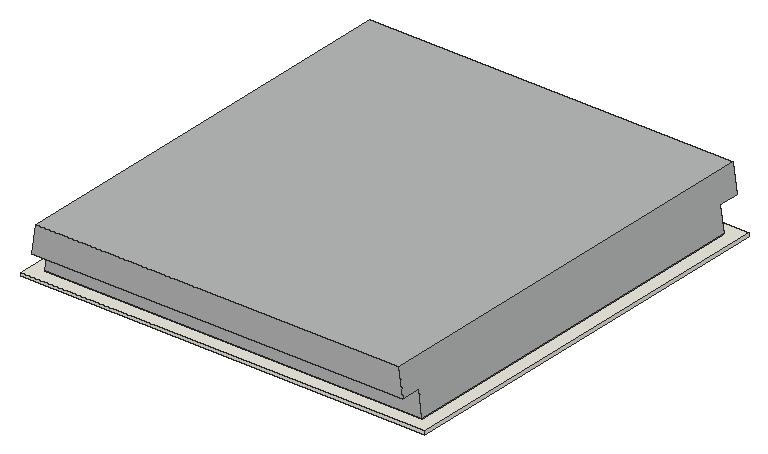
Revit family "OPERLUX", category Осветительные приборы, Revit 2019 (continued)
Types (8, lengths in mm): name | Файл фотометрической сетки | built-in parameter 1150105 | Lumens | built-in parameter 1150106 | built-in parameter 1150142 | Wattage | ADSK_Ток | ADSK_Полная мощность | ADSK_Обозначение | ADSK_Номинальная мощность | ADSK_Наименование | ADSK_Код изделия
  CSVT Operlux - 34/opal-sand (IP20, 4000К, грильято) с БАП на 1 час | "Светильник OPERLUX-34 PRISMA-(588x588).IES" | 246.69 (stored number, unit not read) | 3100 lm | 2.4669 (stored number, unit not read) | "IESNA:LM-63-95\r\n[TEST] Протокол № 50\r\n[DATA] 17.06.2016\r\n[MORE] \r\n[MANUFAC] ЗАО \"Центрстройсвет\"\r\n[LUMCAT]  Светильник OPERLUX-34/PRISMA-(588x588) \r\n[LUMINAIRE]\r\n[LAMPCAT] Светодиоды\r\n[LAMP] Поток источника света (светодиодов) не известен\r\n[MORE] КСС приведена в абсолютных величинах кд\r\n[MORE] Вместо потока лампы, указан поток светильника.\r\nTILT=NONE\r\n1    3050 1.0 37 73 1 2 0.588 0.588 0.08\r\n1.0 1.0 34\r\n0.0 5.0 10.0 15.0 20.0 25.0 30.0 35.0 40.0 45.0 50.0 55.0 60.0 65.0 70.0 75.0 80.0 85.0 90.0 95.0 100.0 105.0 110.0 115.0 120.0 125.0 130.0 135.0 140.0 145.0 150.0 155.0 160.0 165.0 170.0 175.0 180.0\r\n0.0 5.0 10.0 15.0 20.0 25.0 30.0 35.0 40.0 45.0 50.0 55.0 60.0 65.0 70.0 75.0 80.0 85.0 90.0 95.0 100.0 105.0 110.0 115.0 120.0 125.0 130.0 135.0 140.0 145.0 150.0 155.0 160.0 165.0 170.0 175.0 180.0 185.0 190.0 195.0 200.0 205.0 210.0 215.0 220.0 225.0 230.0 235.0 240.0 245.0 250.0 255.0 260.0 265.0 270.0 275.0 280.0 285.0 290.0 295.0 300.0 305.0 310.0 315.0 320.0 325.0 330.0 335.0 340.0 345.0 350.0 355.0 360.0\r\n1367.8 1364.1 1339.9 1310.7 1251.0 1171.4 1077.9 956.5 826.9 709.2 591.4 468.7 352.2 267.2 190.7 130.0 88.6 43.5 5.5 0.0 0.0 0.0 0.0 0.0 0.0 0.0 0.0 0.0 0.0 0.0 0.0 0.0 0.0 0.0 0.0 0.0 0.0\r\n1367.8 1365.7 1344.6 1309.2 1251.5 1175.2 1073.4 954.2 830.4 711.2 594.6 469.5 356.0 268.7 191.9 132.6 89.9 43.9 6.3 0.0 0.0 0.0 0.0 0.0 0.0 0.0 0.0 0.0 0.0 0.0 0.0 0.0 0.0 0.0 0.0 0.0 0.0\r\n1367.8 1367.4 1347.2 1302.8 1251.5 1178.6 1078.4 958.6 835.1 714.0 597.2 474.3 359.6 268.7 192.7 135.6 92.1 44.3 6.9 0.0 0.0 0.0 0.0 0.0 0.0 0.0 0.0 0.0 0.0 0.0 0.0 0.0 0.0 0.0 0.0 0.0 0.0\r\n1367.8 1368.2 1346.2 1303.1 1250.1 1177.1 1081.4 960.9 838.1 716.2 597.6 475.0 358.6 266.4 190.9 134.8 91.7 44.9 7.0 0.0 0.0 0.0 0.0 0.0 0.0 0.0 0.0 0.0 0.0 0.0 0.0 0.0 0.0 0.0 0.0 0.0 0.0\r\n1367.8 1367.7 1343.5 1306.2 1256.1 1180.0 1081.0 961.6 838.1 714.0 595.7 473.1 356.8 262.2 188.3 132.8 89.3 43.7 6.6 0.0 0.0 0.0 0.0 0.0 0.0 0.0 0.0 0.0 0.0 0.0 0.0 0.0 0.0 0.0 0.0 0.0 0.0\r\n1367.8 1366.2 1344.8 1309.0 1256.2 1184.6 1080.4 962.6 836.8 714.8 593.8 469.6 354.4 260.1 184.9 130.4 88.4 44.2 6.5 0.0 0.0 0.0 0.0 0.0 0.0 0.0 0.0 0.0 0.0 0.0 0.0 0.0 0.0 0.0 0.0 0.0 0.0\r\n1367.8 1364.3 1347.6 1312.1 1259.9 1177.4 1078.5 968.2 849.1 721.6 596.0 467.2 355.0 257.4 183.3 127.1 87.5 45.4 6.5 0.0 0.0 0.0 0.0 0.0 0.0 0.0 0.0 0.0 0.0 0.0 0.0 0.0 0.0 0.0 0.0 0.0 0.0\r\n1367.8 1363.3 1348.8 1312.0 1262.8 1181.2 1077.4 968.8 853.2 730.0 597.2 466.8 353.5 256.9 181.1 124.8 87.2 45.9 6.9 0.0 0.0 0.0 0.0 0.0 0.0 0.0 0.0 0.0 0.0 0.0 0.0 0.0 0.0 0.0 0.0 0.0 0.0\r\n1367.8 1364.0 1350.3 1308.2 1255.9 1182.2 1079.9 969.0 856.0 734.3 601.1 468.4 352.6 254.4 178.0 121.7 85.5 45.0 6.9 0.0 0.0 0.0 0.0 0.0 0.0 0.0 0.0 0.0 0.0 0.0 0.0 0.0 0.0 0.0 0.0 0.0 0.0\r\n1367.8 1364.9 1349.2 1313.0 1259.2 1178.2 1076.4 970.7 860.9 740.8 606.9 469.1 350.2 254.0 175.6 117.8 83.6 43.4 6.7 0.0 0.0 0.0 0.0 0.0 0.0 0.0 0.0 0.0 0.0 0.0 0.0 0.0 0.0 0.0 0.0 0.0 0.0\r\n1367.8 1365.0 1348.6 1315.3 1261.5 1184.1 1082.6 973.9 862.8 745.2 607.9 469.0 350.5 253.1 173.2 116.2 81.4 42.4 6.5 0.0 0.0 0.0 0.0 0.0 0.0 0.0 0.0 0.0 0.0 0.0 0.0 0.0 0.0 0.0 0.0 0.0 0.0\r\n1367.8 1364.4 1347.9 1315.3 1258.7 1186.3 1085.9 970.5 862.2 747.0 613.0 468.8 350.2 252.8 173.4 116.6 79.8 40.9 6.7 0.0 0.0 0.0 0.0 0.0 0.0 0.0 0.0 0.0 0.0 0.0 0.0 0.0 0.0 0.0 0.0 0.0 0.0\r\n1367.8 1363.4 1347.0 1308.3 1258.6 1184.3 1089.8 973.9 867.7 742.3 606.2 467.0 350.0 252.6 175.4 119.1 79.8 42.1 7.1 0.0 0.0 0.0 0.0 0.0 0.0 0.0 0.0 0.0 0.0 0.0 0.0 0.0 0.0 0.0 0.0 0.0 0.0\r\n1367.8 1362.6 1348.4 1308.2 1261.4 1190.2 1088.3 978.6 869.6 744.0 601.1 462.4 350.2 253.6 175.9 123.0 83.5 45.3 7.8 0.0 0.0 0.0 0.0 0.0 0.0 0.0 0.0 0.0 0.0 0.0 0.0 0.0 0.0 0.0 0.0 0.0 0.0\r\n1367.8 1362.3 1347.3 1311.1 1262.3 1191.1 1093.6 982.5 872.1 746.6 597.2 461.1 348.8 251.4 176.3 127.6 89.2 48.5 7.9 0.0 0.0 0.0 0.0 0.0 0.0 0.0 0.0 0.0 0.0 0.0 0.0 0.0 0.0 0.0 0.0 0.0 0.0\r\n1367.8 1362.5 1345.8 1316.1 1260.6 1190.3 1096.8 982.6 873.3 743.8 593.1 456.4 347.2 250.6 175.7 130.9 94.2 51.8 9.3 0.0 0.0 0.0 0.0 0.0 0.0 0.0 0.0 0.0 0.0 0.0 0.0 0.0 0.0 0.0 0.0 0.0 0.0\r\n1367.8 1363.2 1345.2 1315.5 1267.1 1195.5 1096.1 995.9 871.3 740.3 589.0 455.0 342.8 246.9 174.2 131.9 97.1 52.4 10.1 0.0 0.0 0.0 0.0 0.0 0.0 0.0 0.0 0.0 0.0 0.0 0.0 0.0 0.0 0.0 0.0 0.0 0.0\r\n1367.8 1364.5 1346.0 1317.2 1264.0 1194.7 1102.6 991.8 873.9 736.2 584.7 454.3 338.6 243.0 171.3 130.1 99.3 53.7 9.5 0.0 0.0 0.0 0.0 0.0 0.0 0.0 0.0 0.0 0.0 0.0 0.0 0.0 0.0 0.0 0.0 0.0 0.0\r\n1367.8 1365.9 1346.4 1317.1 1264.0 1198.2 1105.3 994.6 872.6 727.7 582.0 451.8 335.8 239.9 168.3 127.6 100.0 55.8 7.5 0.0 0.0 0.0 0.0 0.0 0.0 0.0 0.0 0.0 0.0 0.0 0.0 0.0 0.0 0.0 0.0 0.0 0.0\r\n1367.8 1366.3 1344.9 1317.5 1265.6 1200.4 1108.2 997.2 868.8 722.7 575.8 446.5 333.1 238.4 167.7 126.3 98.1 56.1 8.8 0.0 0.0 0.0 0.0 0.0 0.0 0.0 0.0 0.0 0.0 0.0 0.0 0.0 0.0 0.0 0.0 0.0 0.0\r\n1367.8 1365.9 1344.0 1313.0 1263.2 1200.6 1104.3 997.0 862.7 720.9 568.5 441.0 331.7 237.8 167.7 126.3 96.7 53.7 9.4 0.0 0.0 0.0 0.0 0.0 0.0 0.0 0.0 0.0 0.0 0.0 0.0 0.0 0.0 0.0 0.0 0.0 0.0\r\n1367.8 1365.3 1346.1 1312.6 1263.0 1198.3 1108.1 995.3 861.6 712.7 563.4 437.4 331.4 236.8 165.9 124.7 95.3 55.2 9.1 0.0 0.0 0.0 0.0 0.0 0.0 0.0 0.0 0.0 0.0 0.0 0.0 0.0 0.0 0.0 0.0 0.0 0.0\r\n1367.8 1364.9 1349.2 1313.0 1262.9 1199.0 1108.3 993.8 855.7 710.3 563.1 435.2 329.9 233.9 163.4 121.6 92.0 55.1 8.8 0.0 0.0 0.0 0.0 0.0 0.0 0.0 0.0 0.0 0.0 0.0 0.0 0.0 0.0 0.0 0.0 0.0 0.0\r\n1367.8 1364.1 1352.0 1313.2 1259.2 1197.0 1104.6 988.6 849.9 704.2 562.4 433.5 327.9 230.5 158.4 116.9 87.6 51.4 7.8 0.0 0.0 0.0 0.0 0.0 0.0 0.0 0.0 0.0 0.0 0.0 0.0 0.0 0.0 0.0 0.0 0.0 0.0\r\n1367.8 1363.0 1349.6 1313.3 1257.8 1193.2 1098.7 980.1 848.0 708.1 565.6 433.4 325.1 228.0 154.2 111.3 83.7 49.7 7.5 0.0 0.0 0.0 0.0 0.0 0.0 0.0 0.0 0.0 0.0 0.0 0.0 0.0 0.0 0.0 0.0 0.0 0.0\r\n1367.8 1361.9 1346.7 1314.1 1256.8 1193.2 1093.6 977.6 847.2 708.6 569.1 434.8 324.5 225.9 151.7 107.5 81.6 48.9 7.3 0.0 0.0 0.0 0.0 0.0 0.0 0.0 0.0 0.0 0.0 0.0 0.0 0.0 0.0 0.0 0.0 0.0 0.0\r\n1367.8 1361.2 1345.0 1309.5 1261.1 1193.3 1089.9 973.2 851.1 709.3 572.7 435.0 323.4 225.4 152.1 105.8 80.4 49.9 7.3 0.0 0.0 0.0 0.0 0.0 0.0 0.0 0.0 0.0 0.0 0.0 0.0 0.0 0.0 0.0 0.0 0.0 0.0\r\n1367.8 1360.5 1345.3 1307.2 1258.6 1186.4 1085.9 974.0 847.9 714.1 575.5 436.8 321.2 223.3 152.0 105.2 79.8 49.6 8.0 0.0 0.0 0.0 0.0 0.0 0.0 0.0 0.0 0.0 0.0 0.0 0.0 0.0 0.0 0.0 0.0 0.0 0.0\r\n1367.8 1360.0 1344.3 1308.1 1257.8 1178.2 1085.3 975.1 848.7 715.2 575.4 439.1 318.7 223.0 150.8 104.3 79.3 49.5 8.2 0.0 0.0 0.0 0.0 0.0 0.0 0.0 0.0 0.0 0.0 0.0 0.0 0.0 0.0 0.0 0.0 0.0 0.0\r\n1367.8 1360.5 1346.2 1311.6 1256.3 1174.7 1082.9 978.6 851.4 710.5 574.9 440.6 317.9 221.6 152.3 106.4 79.3 48.7 8.4 0.0 0.0 0.0 0.0 0.0 0.0 0.0 0.0 0.0 0.0 0.0 0.0 0.0 0.0 0.0 0.0 0.0 0.0\r\n1367.8 1361.9 1350.3 1309.3 1252.2 1172.6 1080.3 970.8 851.2 713.3 570.6 439.7 319.0 222.4 154.5 110.7 81.7 47.4 8.1 0.0 0.0 0.0 0.0 0.0 0.0 0.0 0.0 0.0 0.0 0.0 0.0 0.0 0.0 0.0 0.0 0.0 0.0\r\n1367.8 1363.7 1348.0 1307.6 1253.5 1171.4 1087.1 971.6 851.9 710.7 569.9 438.2 323.8 226.5 159.3 115.4 83.3 45.0 7.6 0.0 0.0 0.0 0.0 0.0 0.0 0.0 0.0 0.0 0.0 0.0 0.0 0.0 0.0 0.0 0.0 0.0 0.0\r\n1367.8 1365.3 1346.4 1312.3 1251.8 1172.7 1086.5 974.6 847.7 705.0 567.7 442.4 326.6 234.0 164.3 120.1 85.8 43.9 7.4 0.0 0.0 0.0 0.0 0.0 0.0 0.0 0.0 0.0 0.0 0.0 0.0 0.0 0.0 0.0 0.0 0.0 0.0\r\n1367.8 1366.2 1347.0 1309.1 1250.4 1170.7 1085.2 978.5 846.6 705.8 567.4 441.3 331.1 236.3 167.7 122.8 88.4 45.0 8.1 0.0 0.0 0.0 0.0 0.0 0.0 0.0 0.0 0.0 0.0 0.0 0.0 0.0 0.0 0.0 0.0 0.0 0.0\r\n1367.8 1366.0 1347.9 1306.2 1240.5 1166.7 1082.2 977.2 844.2 702.8 566.8 442.7 335.1 241.3 169.7 123.7 90.0 45.9 9.2 0.0 0.0 0.0 0.0 0.0 0.0 0.0 0.0 0.0 0.0 0.0 0.0 0.0 0.0 0.0 0.0 0.0 0.0\r\n1367.8 1364.3 1346.5 1311.7 1250.6 1170.3 1080.9 980.5 844.4 703.8 569.8 446.4 334.2 240.3 169.5 121.7 87.9 46.9 9.3 0.0 0.0 0.0 0.0 0.0 0.0 0.0 0.0 0.0 0.0 0.0 0.0 0.0 0.0 0.0 0.0 0.0 0.0\r\n1367.8 1361.6 1341.0 1307.3 1249.6 1169.2 1088.8 980.5 845.1 706.2 571.7 444.8 333.0 238.4 168.9 120.7 87.1 47.8 7.8 0.0 0.0 0.0 0.0 0.0 0.0 0.0 0.0 0.0 0.0 0.0 0.0 0.0 0.0 0.0 0.0 0.0 0.0\r\n1367.8 1359.4 1337.2 1303.3 1252.4 1170.4 1080.4 978.1 841.4 701.4 566.4 444.4 333.5 241.2 169.4 122.2 88.2 47.2 9.5 0.0 0.0 0.0 0.0 0.0 0.0 0.0 0.0 0.0 0.0 0.0 0.0 0.0 0.0 0.0 0.0 0.0 0.0\r\n1367.8 1359.3 1342.6 1310.3 1242.7 1173.0 1078.8 976.3 844.8 702.0 565.3 440.7 332.8 240.9 169.9 123.5 89.5 46.1 9.1 0.0 0.0 0.0 0.0 0.0 0.0 0.0 0.0 0.0 0.0 0.0 0.0 0.0 0.0 0.0 0.0 0.0 0.0\r\n1367.8 1361.3 1345.4 1306.4 1248.2 1167.7 1080.4 980.5 846.8 703.5 567.2 443.4 333.2 240.2 168.7 123.1 88.4 46.2 8.4 0.0 0.0 0.0 0.0 0.0 0.0 0.0 0.0 0.0 0.0 0.0 0.0 0.0 0.0 0.0 0.0 0.0 0.0\r\n1367.8 1364.4 1343.1 1308.2 1251.3 1170.9 1084.2 980.8 848.5 707.7 571.1 445.6 332.7 238.1 167.5 120.7 85.6 44.6 7.7 0.0 0.0 0.0 0.0 0.0 0.0 0.0 0.0 0.0 0.0 0.0 0.0 0.0 0.0 0.0 0.0 0.0 0.0\r\n1367.8 1366.7 1342.9 1310.2 1254.3 1176.8 1087.8 981.7 853.4 711.9 574.2 446.0 329.4 232.8 162.6 116.6 83.7 45.3 8.1 0.0 0.0 0.0 0.0 0.0 0.0 0.0 0.0 0.0 0.0 0.0 0.0 0.0 0.0 0.0 0.0 0.0 0.0\r\n1367.8 1367.7 1346.5 1310.6 1258.1 1183.1 1085.5 978.6 854.1 714.2 577.9 448.7 327.1 229.4 158.3 112.1 82.0 47.9 9.0 0.0 0.0 0.0 0.0 0.0 0.0 0.0 0.0 0.0 0.0 0.0 0.0 0.0 0.0 0.0 0.0 0.0 0.0\r\n1367.8 1367.3 1348.0 1310.6 1262.6 1180.1 1086.5 982.6 856.7 719.8 579.9 448.7 324.7 226.8 155.7 107.8 80.3 50.1 9.5 0.0 0.0 0.0 0.0 0.0 0.0 0.0 0.0 0.0 0.0 0.0 0.0 0.0 0.0 0.0 0.0 0.0 0.0\r\n1367.8 1365.6 1348.6 1309.9 1259.0 1186.0 1089.0 979.4 855.0 722.2 584.2 450.5 325.6 227.6 155.8 107.2 80.5 51.4 9.6 0.0 0.0 0.0 0.0 0.0 0.0 0.0 0.0 0.0 0.0 0.0 0.0 0.0 0.0 0.0 0.0 0.0 0.0\r\n1367.8 1363.3 1347.7 1306.8 1261.1 1190.7 1095.5 982.3 860.8 723.2 585.7 446.3 327.8 230.3 158.2 109.3 81.7 51.4 9.3 0.0 0.0 0.0 0.0 0.0 0.0 0.0 0.0 0.0 0.0 0.0 0.0 0.0 0.0 0.0 0.0 0.0 0.0\r\n1367.8 1361.0 1344.4 1306.7 1264.4 1191.7 1095.0 984.8 858.7 723.1 583.6 444.8 328.4 232.3 158.6 109.9 81.8 51.7 9.0 0.0 0.0 0.0 0.0 0.0 0.0 0.0 0.0 0.0 0.0 0.0 0.0 0.0 0.0 0.0 0.0 0.0 0.0\r\n1367.8 1359.1 1344.3 1308.4 1263.8 1198.1 1102.2 989.8 861.5 721.8 582.8 444.8 331.3 233.7 158.6 111.1 83.0 50.9 8.9 0.0 0.0 0.0 0.0 0.0 0.0 0.0 0.0 0.0 0.0 0.0 0.0 0.0 0.0 0.0 0.0 0.0 0.0\r\n1367.8 1357.8 1346.5 1313.8 1263.6 1192.7 1107.0 996.3 859.5 718.8 579.1 442.9 332.1 234.9 160.7 114.1 84.6 51.0 9.2 0.0 0.0 0.0 0.0 0.0 0.0 0.0 0.0 0.0 0.0 0.0 0.0 0.0 0.0 0.0 0.0 0.0 0.0\r\n1367.8 1357.7 1347.3 1313.2 1264.3 1198.9 1108.1 998.6 864.9 718.7 573.2 441.1 332.1 237.8 164.0 118.2 87.5 52.0 9.8 0.0 0.0 0.0 0.0 0.0 0.0 0.0 0.0 0.0 0.0 0.0 0.0 0.0 0.0 0.0 0.0 0.0 0.0\r\n1367.8 1358.5 1346.9 1313.1 1266.5 1195.6 1112.2 1002.8 870.4 722.5 574.7 443.8 335.7 239.1 166.4 121.6 91.2 55.8 10.9 0.0 0.0 0.0 0.0 0.0 0.0 0.0 0.0 0.0 0.0 0.0 0.0 0.0 0.0 0.0 0.0 0.0 0.0\r\n1367.8 1359.8 1344.7 1312.9 1269.5 1203.1 1107.5 1002.6 874.5 724.4 574.3 444.8 335.5 240.3 169.6 124.4 94.2 56.9 11.6 0.0 0.0 0.0 0.0 0.0 0.0 0.0 0.0 0.0 0.0 0.0 0.0 0.0 0.0 0.0 0.0 0.0 0.0\r\n1367.8 1361.7 1344.5 1316.7 1266.1 1199.3 1111.1 1004.7 879.7 733.6 577.6 446.7 337.8 241.2 168.7 126.0 96.3 56.5 11.7 0.0 0.0 0.0 0.0 0.0 0.0 0.0 0.0 0.0 0.0 0.0 0.0 0.0 0.0 0.0 0.0 0.0 0.0\r\n1367.8 1363.9 1346.7 1316.2 1265.7 1198.1 1117.1 1006.7 882.1 737.2 586.5 450.4 338.9 242.3 167.8 125.5 98.6 58.1 10.5 0.0 0.0 0.0 0.0 0.0 0.0 0.0 0.0 0.0 0.0 0.0 0.0 0.0 0.0 0.0 0.0 0.0 0.0\r\n1367.8 1365.2 1345.4 1319.5 1265.7 1198.8 1109.1 1003.5 876.9 742.6 589.1 456.4 341.1 242.1 167.5 126.8 100.2 57.9 8.8 0.0 0.0 0.0 0.0 0.0 0.0 0.0 0.0 0.0 0.0 0.0 0.0 0.0 0.0 0.0 0.0 0.0 0.0\r\n1367.8 1365.0 1345.2 1312.9 1265.8 1199.0 1109.7 999.6 877.6 742.6 595.8 457.7 342.1 245.3 170.4 128.5 99.0 56.9 11.0 0.0 0.0 0.0 0.0 0.0 0.0 0.0 0.0 0.0 0.0 0.0 0.0 0.0 0.0 0.0 0.0 0.0 0.0\r\n1367.8 1364.1 1347.9 1311.6 1271.1 1195.3 1102.7 998.9 881.1 745.5 597.2 460.9 345.1 248.6 174.0 129.7 96.5 55.6 11.2 0.0 0.0 0.0 0.0 0.0 0.0 0.0 0.0 0.0 0.0 0.0 0.0 0.0 0.0 0.0 0.0 0.0 0.0\r\n1367.8 1363.0 1347.3 1314.0 1269.6 1192.3 1104.9 991.5 878.3 748.8 603.5 463.3 348.1 251.3 177.2 130.4 94.2 55.0 10.3 0.0 0.0 0.0 0.0 0.0 0.0 0.0 0.0 0.0 0.0 0.0 0.0 0.0 0.0 0.0 0.0 0.0 0.0\r\n1367.8 1362.4 1346.2 1314.7 1264.3 1194.7 1094.8 992.0 878.4 749.1 608.2 465.6 349.4 252.9 177.2 127.6 90.1 51.7 8.7 0.0 0.0 0.0 0.0 0.0 0.0 0.0 0.0 0.0 0.0 0.0 0.0 0.0 0.0 0.0 0.0 0.0 0.0\r\n1367.8 1362.7 1348.0 1314.5 1265.5 1196.6 1094.9 983.4 872.0 752.6 609.3 469.0 352.6 254.1 177.1 125.0 85.8 47.2 8.1 0.0 0.0 0.0 0.0 0.0 0.0 0.0 0.0 0.0 0.0 0.0 0.0 0.0 0.0 0.0 0.0 0.0 0.0\r\n1367.8 1362.9 1347.6 1317.1 1264.6 1191.1 1090.4 981.6 868.8 748.7 612.1 472.2 352.0 253.6 176.2 121.4 83.1 43.4 6.9 0.0 0.0 0.0 0.0 0.0 0.0 0.0 0.0 0.0 0.0 0.0 0.0 0.0 0.0 0.0 0.0 0.0 0.0\r\n1367.8 1362.5 1343.6 1318.7 1268.8 1192.3 1085.5 974.5 866.1 750.5 612.3 472.0 350.7 253.1 174.7 119.5 83.2 43.3 6.3 0.0 0.0 0.0 0.0 0.0 0.0 0.0 0.0 0.0 0.0 0.0 0.0 0.0 0.0 0.0 0.0 0.0 0.0\r\n1367.8 1362.1 1341.3 1317.3 1267.8 1185.0 1082.2 972.1 864.2 747.6 611.4 473.0 350.1 254.2 174.7 118.9 84.4 45.4 6.1 0.0 0.0 0.0 0.0 0.0 0.0 0.0 0.0 0.0 0.0 0.0 0.0 0.0 0.0 0.0 0.0 0.0 0.0\r\n1367.8 1362.2 1343.6 1308.9 1260.0 1189.4 1084.9 971.7 859.6 740.4 606.9 470.8 351.4 253.9 176.6 120.3 86.5 45.9 6.5 0.0 0.0 0.0 0.0 0.0 0.0 0.0 0.0 0.0 0.0 0.0 0.0 0.0 0.0 0.0 0.0 0.0 0.0\r\n1367.8 1363.0 1342.9 1314.5 1263.9 1184.9 1081.6 971.9 853.4 735.2 605.3 467.7 352.3 254.8 180.1 122.7 87.8 46.6 6.8 0.0 0.0 0.0 0.0 0.0 0.0 0.0 0.0 0.0 0.0 0.0 0.0 0.0 0.0 0.0 0.0 0.0 0.0\r\n1367.8 1364.3 1340.2 1313.1 1261.0 1182.5 1084.4 971.4 852.3 730.7 600.0 466.2 354.3 255.8 181.2 124.6 88.4 46.8 6.6 0.0 0.0 0.0 0.0 0.0 0.0 0.0 0.0 0.0 0.0 0.0 0.0 0.0 0.0 0.0 0.0 0.0 0.0\r\n1367.8 1365.9 1343.5 1308.2 1258.3 1181.3 1083.1 966.4 845.6 721.0 594.9 467.0 352.2 259.1 183.4 126.7 88.1 45.4 6.1 0.0 0.0 0.0 0.0 0.0 0.0 0.0 0.0 0.0 0.0 0.0 0.0 0.0 0.0 0.0 0.0 0.0 0.0\r\n1367.8 1366.3 1345.1 1308.7 1254.7 1177.8 1080.9 969.9 838.6 714.9 593.4 465.7 351.7 258.6 185.5 129.6 88.1 44.0 5.9 0.0 0.0 0.0 0.0 0.0 0.0 0.0 0.0 0.0 0.0 0.0 0.0 0.0 0.0 0.0 0.0 0.0 0.0\r\n1367.8 1364.5 1343.2 1306.3 1248.4 1177.3 1082.4 962.7 833.3 713.0 595.0 468.9 352.8 260.9 187.3 132.3 88.7 43.5 6.0 0.0 0.0 0.0 0.0 0.0 0.0 0.0 0.0 0.0 0.0 0.0 0.0 0.0 0.0 0.0 0.0 0.0 0.0\r\n1367.8 1362.4 1346.0 1305.7 1255.8 1170.9 1078.4 956.8 832.7 709.6 592.6 470.6 355.6 263.8 189.2 133.7 90.3 44.0 6.3 0.0 0.0 0.0 0.0 0.0 0.0 0.0 0.0 0.0 0.0 0.0 0.0 0.0 0.0 0.0 0.0 0.0 0.0\r\n1367.8 1362.0 1346.8 1311.0 1252.6 1177.3 1074.5 958.3 825.6 709.7 591.0 467.7 356.3 264.6 188.4 133.0 90.3 43.3 6.2 0.0 0.0 0.0 0.0 0.0 0.0 0.0 0.0 0.0 0.0 0.0 0.0 0.0 0.0 0.0 0.0 0.0 0.0\r\n1367.8 1363.0 1341.5 1311.3 1242.3 1175.5 1082.4 953.9 818.8 707.4 591.0 466.6 352.5 265.4 188.6 130.9 89.0 43.1 6.3 0.0 0.0 0.0 0.0 0.0 0.0 0.0 0.0 0.0 0.0 0.0 0.0 0.0 0.0 0.0 0.0 0.0 0.0\r\n1367.8 1364.1 1339.9 1310.7 1251.0 1171.4 1077.9 956.5 826.9 709.2 591.4 468.7 352.2 267.2 190.7 130.0 88.6 43.5 5.5 0.0 0.0 0.0 0.0 0.0 0.0 0.0 0.0 0.0 0.0 0.0 0.0 0.0 0.0 0.0 0.0 0.0 0.0\r\n" | 20.8695 W | 0.151229 A | 34.7826 VA | "CSVT Operlux-34/opal-sand (IP20, 4000К, грильято)" | 32 W | "Встраиваемый светодиодный светильник CSVT Operlux-34/opal-sand (IP20, 4000К, грильято) с БАП на 1 час" | "ЦБ000007881"
